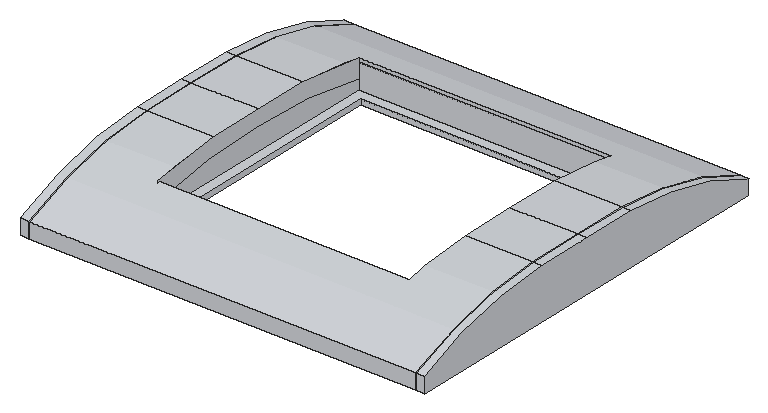
Revit family "Gira_100281", category Electrical Fixtures, host Face, Revit 2017
Family settings
  Host = Face
  Maintain Annotation Orientation = No
  Round Connector Dimension = Use Diameter
  Part Type = Normal
  Cut with Voids When Loaded = No
  Shared = No
  Room Calculation Point = No
Parameters (values of type "Cov.fr. 2-g w/o cb interm.fr. C Alu Gira Event anthra.")
  With mounting grid = "No"
  With hinged lid = "No"
  URL = "http://katalog.gira.de/en/datenblatt.html?artikelnr=100281"
  Type of fastening = "Clamp mounting"
  Transparent = "No"
  Surface protection = "Other"
  Suitable for wall duct = "No"
  Suitable for flush-mounted installation = "Yes"
  Suitable for floor box = "No"
  Suitable for built-in installation = "No"
  Number of units vertical = "2"
  Number of units horizontal = "2"
  Number of units = "2"
  Name = "Cov.fr. 2-g w/o cb interm.fr. C Alu Gira Event anthra."
  Mounting direction = "Horizontal and vertical"
  Material quality = "Thermoplastic"
  Material = "Plastic"
  Manufacturer URL = "https://www.gira.de/"
  Manufacturer = "Gira"
  Label space/information surface = "No"
  Keynote = ""
  HeinzeBIM = "https://bimportal.heinze.de/bim/cov-fr-2-g-w-o-cb-interm-fr-c-alu-gira-event-anthra-/863c2bf1937ef15b5624af9dd6304ae02d736338"
  Halogen free = "Yes"
  HAN = "100281"
  GTIN = "4010337002819"
  Description = "Cov.fr.2g w o cb i.fr.CAl Event AN,Gira Event frames,anthracite with colour aluminium intermediate frame,2-gang without crossbar,Features:,- Shatter-proof."
  Degree of protection (IP) = "IP20"
  Default Elevation = 1219.2 mm
  Data sheet (1) = "https://katalog.gira.de/en/download.html?artikelnr=100281"
  Colour = "Anthracite"
  Category = "Cover frame for domestic switching devices"
  BIM (1) = "https://media.stage.bim.site/public/gira/36a6b08/Event_Rahmen_2fach o.Mittelsteg.rfa?public/gira/36a6b08/Event_Rahmen_2fach o.Mittelsteg.rfa"
  Available = "No"
Reference planes
  plane 1 "Center (Front/Back)": y = 0
  plane 2: z = 0
  plane 3 "Center (Left/Right)": x = 0
Forms (mm)
  Extrusion 1, solid, detail levels fine
    sketch origin (0, 0, 1.55) x (0, 1, 0) y (0, 0, 1)
      loop
        arc (12.445, 9.683) -> (6.223, 9.833) -> (0, 9.85) r 291.636
        arc (0, 9.85) -> (-6.223, 9.833) -> (-12.445, 9.683) r 291.636
        arc (-12.445, 9.683) -> (-29.14, 7.482) -> (-45, 1.823) r 79.728
        line (-45, 1.823) -> (-45, -1.55) -> (-41.777, -1.55) -> (-41.777, -0.55)
        arc (-41.777, -0.55) -> (-21.205, 4.846) -> (0, 6.467) r 118.15
        arc (0, 6.467) -> (21.205, 4.846) -> (41.777, -0.55) r 118.15
        line (41.777, -0.55) -> (41.777, -1.55) -> (45, -1.55) -> (45, 1.823)
        arc (45, 1.823) -> (29.14, 7.482) -> (12.445, 9.683) r 79.728
    from -43 to 43
  Extrusion 2, void, detail levels fine
    sketch origin (0, 0, 0) x (1, 0, 0) y (0, 1, 0)
      loop
        line (-28, -28) -> (28, -28) -> (28, 28) -> (-28, 28) -> (-28, -28)
    from 2.85 to 12
  Extrusion 3, solid, detail levels coarse
    sketch origin (0, 0, 0) x (1, 0, 0) y (0, 1, 0)
      loop
        line (-45, 45) -> (-45, -45) -> (45, -45) -> (45, 45) -> (-45, 45)
    from 0 to 11.4
  Extrusion 4, solid, detail levels medium
    sketch origin (0, 0, 1.55) x (0, 1, 0) y (0, 0, 1)
      loop
        arc (12.445, 9.683) -> (6.223, 9.833) -> (0, 9.85) r 291.636
        arc (0, 9.85) -> (-6.223, 9.833) -> (-12.445, 9.683) r 291.636
        arc (-12.445, 9.683) -> (-29.14, 7.482) -> (-45, 1.823) r 79.728
        line (-45, 1.823) -> (-45, -1.55) -> (45, -1.55) -> (45, 1.823)
        arc (45, 1.823) -> (29.14, 7.482) -> (12.445, 9.683) r 79.728
    from -45 to 45
  Extrusion 5, solid, detail levels fine
    sketch origin (0, 0, 0) x (0, 1, 0) y (0, 0, 1)
      loop
        arc (45, 3.373) -> (29.14, 9.032) -> (12.445, 11.233) r 79.728
        arc (12.445, 11.233) -> (6.223, 11.383) -> (0, 11.4) r 291.636
        arc (0, 11.4) -> (-6.223, 11.383) -> (-12.445, 11.233) r 291.636
        arc (-12.445, 11.233) -> (-29.14, 9.032) -> (-45, 3.373) r 79.728
        line (-45, 3.373) -> (-45, 0) -> (45, 0) -> (45, 3.373)
    from 43 to 45
  Extrusion 6, solid, detail levels fine
    sketch origin (0, 0, 0) x (0, 1, 0) y (0, 0, -1)
      loop
        line (45, -3.373) -> (45, 0) -> (-45, 0) -> (-45, -3.373)
        arc (-45, -3.373) -> (-29.14, -9.032) -> (-12.445, -11.233) r 79.728
        arc (-12.445, -11.233) -> (-6.223, -11.383) -> (0, -11.4) r 291.636
        arc (0, -11.4) -> (6.223, -11.383) -> (12.445, -11.233) r 291.636
        arc (12.445, -11.233) -> (29.14, -9.032) -> (45, -3.373) r 79.728
    from 43 to 45
  Extrusion 7, solid, detail levels fine
    sketch origin (0, 0, 0) x (1, 0, 0) y (0, 1, 0)
      loop
        line (-25.7, 25.7) -> (-25.7, -25.7) -> (25.7, -25.7) -> (25.7, 25.7) -> (-25.7, 25.7)
      loop
        line (-29.495, 27.895) -> (-29.495, -27.895)
        spline (-29.495, -27.895) -> (-29.486, -28.025) -> (-29.461, -28.154) -> (-29.419, -28.278) -> (-29.361, -28.395) -> (-29.288, -28.504) -> (-29.202, -28.602) -> (-29.104, -28.688) -> (-28.995, -28.761) -> (-28.878, -28.819) -> (-28.754, -28.861) -> (-28.625, -28.886) -> (-28.495, -28.895)
        line (-28.495, -28.895) -> (28.495, -28.895)
        spline (28.495, -28.895) -> (28.625, -28.886) -> (28.754, -28.861) -> (28.878, -28.819) -> (28.995, -28.761) -> (29.104, -28.688) -> (29.202, -28.602) -> (29.288, -28.504) -> (29.361, -28.395) -> (29.419, -28.278) -> (29.461, -28.154) -> (29.486, -28.025) -> (29.495, -27.895)
        line (29.495, -27.895) -> (29.495, 27.895)
        spline (29.495, 27.895) -> (29.486, 28.025) -> (29.461, 28.154) -> (29.419, 28.278) -> (29.361, 28.395) -> (29.288, 28.504) -> (29.202, 28.602) -> (29.104, 28.688) -> (28.995, 28.761) -> (28.878, 28.819) -> (28.754, 28.861) -> (28.625, 28.886) -> (28.495, 28.895)
        line (28.495, 28.895) -> (-28.495, 28.895)
        spline (-28.495, 28.895) -> (-28.625, 28.886) -> (-28.754, 28.861) -> (-28.878, 28.819) -> (-28.995, 28.761) -> (-29.104, 28.688) -> (-29.202, 28.602) -> (-29.288, 28.504) -> (-29.361, 28.395) -> (-29.419, 28.278) -> (-29.461, 28.154) -> (-29.486, 28.025) -> (-29.495, 27.895)
    from 1.673 to 8.5
Cuts and joins
  Extrusion 2 cuts Extrusion 1
  Extrusion 2 cuts Extrusion 7
Dimensions and locks
  aligned and locked: plane 2 to host face
  aligned and locked: level to host face
